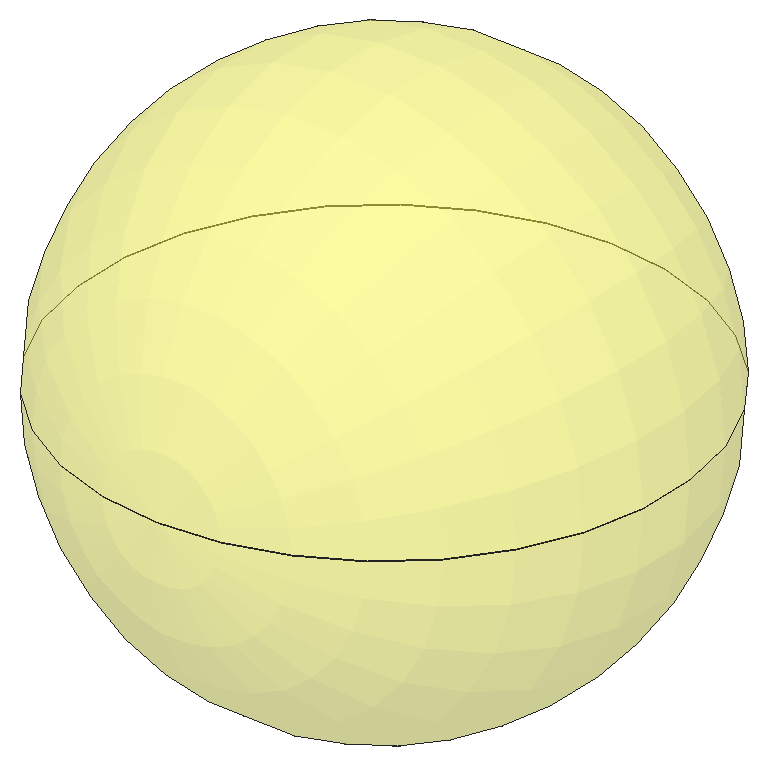
Revit family "ClashPoint_Small", category Обобщенные модели, Revit 2020
Family settings
  Может служить основой для арматурных стержней = Нет
  Размер круглого соединителя = Использовать диаметр
  Тип детали = Нормальный
  На основе рабочей плоскости = Нет
  Всегда вертикально = Да
  При загрузке вырезать с полостями = Нет
  Общий = Нет
  Точка расчета площади = Нет
Parameters (values of type "ClashPoint")
  Отметка по умолчанию = 0 mm
  Комментарии к типоразмеру = "ClashPoint"  # constant formula
  Ключевая пометка = "SYS"  # constant formula
  КП_Р_Диаметр [instance] = 300 mm
  КП_О_Версия семейства = "1.1"  # constant formula
  КП_О_Версия Revit = "2020"  # constant formula
  Группа модели = "Navisworks"  # constant formula
  АК_Создатель [instance] = ""
  АК_Координаты [instance] = ""
  АК_Дата [instance] = ""
  АК_ID_Элемент коллизии №2 [instance] = ""
  АК_ID_Элемент коллизии №1 [instance] = ""
  АК_ID_Экземпляр связи в модели [instance] = ""
Reference planes
  plane 1 "По центру (Вперед/Назад)": y = 0
  plane 2: z = 0
  plane 3 "По центру (Влево/Вправо)": x = 0
Forms (mm)
  Revolve 1, solid, material "NavisWorks_ClashObject"
    sketch origin (0, 0, 0) x (1, 0, 0) y (0, 1, 0)
      loop
        arc (0, 150) -> (-150, 0) -> (0, -150) r 150
        line (0, -150) -> (0, 150)
      axis (0, 150) -> (0, -150)
    angle from 0 to 360
Lines and regions (mm)
  model lines, style "NavisWorks_ClashPoint"
    curve 1: circle (0, 0, 0) r 150 normal (0, 0, 1)
    curve 2: circle (0, 0, 0) r 150 normal (0, -1, 0)
    curve 3: circle (0, 0, 0) r 150 normal (1, 0, 0)
    curve 4: line (0, -300, 0) -> (0, 300, 0)
    curve 5: line (-300, 0, 0) -> (300, 0, 0)
    curve 6: line (0, 0, -300) -> (0, 0, 300)
Dimensions and locks
  "КП_Р_Диаметр": plane 1 "По центру (Вперед/Назад)" to curve 4
  "КП_Р_Диаметр": curve 4 to plane 1 "По центру (Вперед/Назад)"
  "КП_Р_Диаметр": curve 5 to plane 3 "По центру (Влево/Вправо)"
  "КП_Р_Диаметр": plane 3 "По центру (Влево/Вправо)" to curve 5
  "КП_Р_Диаметр": curve 6 to level
  "КП_Р_Диаметр": level to curve 6
  "КП_Р_Диаметр": diameter of curve 1
  "КП_Р_Диаметр": diameter of Revolve 1 sketch curve
  "КП_Р_Диаметр": diameter of curve 2
  "КП_Р_Диаметр": diameter of curve 3
  aligned and locked: level to plane 2
Automatic sketch dimensions
  curve 3 to level = 0 mm
  curve 3 to plane 1 "По центру (Вперед/Назад)" = 0 mm
  curve 6 to plane 3 "По центру (Влево/Вправо)" = 0 mm
  curve 2 to level = 0 mm
  curve 2 to plane 3 "По центру (Влево/Вправо)" = 0 mm
  curve 4 to plane 3 "По центру (Влево/Вправо)" = 0 mm
  plane 1 "По центру (Вперед/Назад)" to curve 1 = 0 mm
  curve 1 to plane 3 "По центру (Влево/Вправо)" = 0 mm
  plane 1 "По центру (Вперед/Назад)" to curve 5 = 0 mm
  Revolve 1 sketch curve to plane 3 "По центру (Влево/Вправо)" = 0 mm  (x2)
  plane 1 "По центру (Вперед/Назад)" to Revolve 1 sketch curve = 0 mm
  Revolve 1 sketch curve to Revolve 1 sketch curve = 200 mm  (x2)
